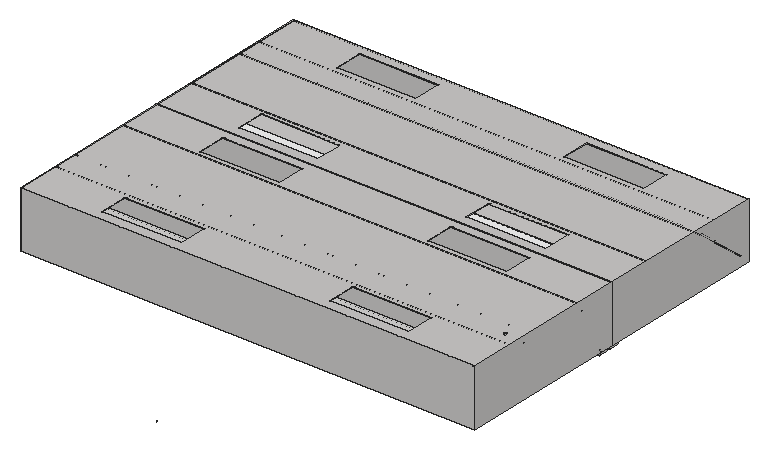
Revit family "QF_ELECTROLUXPROFESSIONAL_641398_STCF3040", category Attrezzature speciali, Revit 2021
Family settings
  Quota connettore circolare = Usa diametro
  Tipo di parte = Normale
  Basato su piano di lavoro = No
  Sempre verticale = Sì
  Taglio con vuoti quando caricato = No
  Condiviso = No
  Punto di calcolo locali = No
Parameters (values of type "Standard")
  Weight = 492.00 kg
  Watts = 640 W
  Volts = 220 V
  URL Manufacturer = "https://www.electroluxprofessional.com/"
  URL = "https://www.electroluxprofessional.com/"
  Steam Supply Size = 0 mm
  Steam Supply Minimum Pressure = 0.0 Pa
  Steam Supply Maximum Pressure = 0.0 Pa
  Steam Consumption per Hour = 0
  Refrigeration Suction Line Size = 0.0 mm
  Refrigeration Liquid Line Size = 0.0 mm
  Refrigerant Compressor Remote = yes
  Prospetto di default = 0.0 mm
  Produttore = "Electrolux Professional"
  Phase = 1
  Modello = "STCF3040"
  Length Actual = 4000.0 mm  # constant formula
  Item Number = "641398"
  Hot Water Size = 0 mm
  Height Actual = 500.0 mm  # constant formula
  HP = "0.9 HP"
  Gas Size = 0 mm
  Gas KW = 0
  Gas Input Pressure = 0 W
  Direct Waste Size = 0 mm
  Descrizione = "304 S/S ISLAND HOOD+FILT.+LAMPS 400X300"
  Depth Actual = 3000.0 mm  # constant formula
  Cycle = 50 Hz
  Condensate Return Size = 0 mm
  Compressed Air Volume = 0.0 L/s
  Compressed Air Size = 0 mm
  Compressed Air Pressure = 0.0 Pa
  Cold Water Size = 0 mm
  Accessory = yes
Reference planes
  plane 1 "Center (Front/Back)": y = 0
  plane 2: z = 0
  plane 3 "Center (Left/Right)": x = 600
  plane 4 "LEFT": x = -1400
  plane 5 "RIGHT": x = 2600
  plane 6 "BACK": y = 1500
  plane 7 "FRONT": y = -1500
  plane 8 "Base": z = 2000
  plane 9 "EIx": x = 2480
  plane 10 "Top": z = 2500
  plane 11 "BaseHood": z = 2000
  plane 12: y = -1020
Forms (mm)
  Extrusion 1, solid, material "QF_Finishes_Stainless Steel"
    sketch origin (0, -1020, 2500) x (0, 1, 0) y (-1, 0, 0)
      loop
        circle (0, -2480) r 10
    from 0 to 1.6
Dimensions and locks
  equal spacing: plane 6 "BACK", plane 1 "Center (Front/Back)", plane 7 "FRONT"
  plane 6 "BACK" to plane 7 "FRONT" = 3000.0 mm  (x2)
  locked: plane 9 "EIx" to plane 5 "RIGHT" at 120
  plane 11 "BaseHood" to level = 2000.0 mm
  plane 10 "Top" to plane 11 "BaseHood" = 500.0 mm
  equal spacing: plane 4 "LEFT", plane 3 "Center (Left/Right)", plane 5 "RIGHT"
  plane 4 "LEFT" to plane 5 "RIGHT" = 4000.0 mm
  plane 12 to plane 7 "FRONT" = 480.0 mm
  aligned and locked: level to plane 2
Automatic sketch dimensions
  plane 1 "Center (Front/Back)" to Extrusion 1 sketch curve = 1020.0 mm
  Extrusion 1 sketch curve to plane 9 "EIx" = 0.0 mm
  radius of Extrusion 1 sketch curve = 10.0 mm
Nested families
  nested 1: "QF_ELECTROLUXPROFESSIONAL_641264" at (450, -550, 0), type "QF_ELECTROLUXPROFESSIONAL_641264"
  nested 2: "QF_ELECTROLUXPROFESSIONAL_641264" at (450, 550, 0), type "QF_ELECTROLUXPROFESSIONAL_641264"
Connectors
  hvac at (-400, -1289, 2505)
    settings: on nested 1, index 1, duct flow 0.0 L/s, flow factor 0, pres drop 0.0 Pa, loss coef 0, conn angle 0.00°, conn width 250 mm, conn height 700 mm, conn diameter 609.6 mm, duct sys type 1, conn prof type 1, flow config 1, flow direction 1, loss method 0, conn ref index -1, conn util no, is conn primary yes, conn desc "AIR INLET"
  hvac at (-400, 1289, 2505)
    settings: on nested 2, index 4, duct flow 0.0 L/s, flow factor 0, pres drop 0.0 Pa, loss coef 0, conn angle 0.00°, conn width 700 mm, conn height 250 mm, conn diameter 609.6 mm, duct sys type 1, conn prof type 1, flow config 1, flow direction 1, loss method 0, conn ref index -1, conn util no, is conn primary no, conn desc "AIR INLET"
  hvac at (1600, 1289, 2505)
    settings: on nested 2, index 5, duct flow 0.0 L/s, flow factor 0, pres drop 0.0 Pa, loss coef 0, conn angle 0.00°, conn width 700 mm, conn height 250 mm, conn diameter 609.6 mm, duct sys type 1, conn prof type 1, flow config 1, flow direction 1, loss method 0, conn ref index -1, conn util no, is conn primary no, conn desc "AIR INLET"
  hvac at (1600, -1289, 2505)
    settings: on nested 1, index 8, duct flow 0.0 L/s, flow factor 0, pres drop 0.0 Pa, loss coef 0, conn angle 0.00°, conn width 250 mm, conn height 700 mm, conn diameter 609.6 mm, duct sys type 1, conn prof type 1, flow config 1, flow direction 1, loss method 0, conn ref index -1, conn util no, is conn primary no, conn desc "AIR INLET"
  piping at (2480, 60, 1970), diameter 9.5
    settings: on nested 2, index 9, connector inside diameter 609.6 mm, connector length 0.0 mm, flow factor 0, pipe flow 0.0 L/s, pressure drop 0.0 Pa, fitting loss kfactor 0, connector angle 0.00°, fixture units 0, engagement length 0.0 mm, angle of deflection 0.00°, flow configuration 1, flow direction 2, fitting loss method 0, system type 16, joint type 0, gender type 0, connector reference index -1, connector utility 0, adjustable connector no, is connector primary yes, connector description "Drain"
  piping at (2480, -60, 1970), diameter 9.5
    settings: on nested 1, index 10, connector inside diameter 609.6 mm, connector length 0.0 mm, flow factor 0, pipe flow 0.0 L/s, pressure drop 0.0 Pa, fitting loss kfactor 0, connector angle 0.00°, fixture units 0, engagement length 0.0 mm, angle of deflection 0.00°, flow configuration 1, flow direction 2, fitting loss method 0, system type 16, joint type 0, gender type 0, connector reference index -1, connector utility 0, adjustable connector no, is connector primary no, connector description "Drain"
  electrical at (2480, -1020, 2501.6), driven by "Volts"
    settings: on Extrusion 1, index 11, voltage 220 V, apparent load 0 VA, apparent load phase1 0 VA, apparent load phase2 0 VA, apparent load phase3 0 VA, power factor 1, load classification "Other", number of poles 1, system type 30, power factor state 1, is connector primary yes, connector utility no, sub classification motor no, connector description "Electrical Connection"
  hvac at (-400, 211, 2500)
    settings: on nested 2, index 12, duct flow 0.0 L/s, flow factor 0, pres drop 0.0 Pa, loss coef 0, conn angle 0.00°, conn width 250 mm, conn height 700 mm, conn diameter 609.6 mm, duct sys type 3, conn prof type 1, flow config 0, flow direction 2, loss method 0, conn ref index -1, conn util no, is conn primary no, conn desc "EXHAUST OUTLET"
  hvac at (-400, -211, 2500)
    settings: on nested 1, index 13, duct flow 0.0 L/s, flow factor 0, pres drop 0.0 Pa, loss coef 0, conn angle 0.00°, conn width 700 mm, conn height 250 mm, conn diameter 609.6 mm, duct sys type 3, conn prof type 1, flow config 0, flow direction 2, loss method 0, conn ref index -1, conn util no, is conn primary no, conn desc "EXHAUST OUTLET"
  hvac at (1600, 211, 2500)
    settings: on nested 2, index 14, duct flow 0.0 L/s, flow factor 0, pres drop 0.0 Pa, loss coef 0, conn angle 0.00°, conn width 250 mm, conn height 700 mm, conn diameter 609.6 mm, duct sys type 3, conn prof type 1, flow config 0, flow direction 2, loss method 0, conn ref index -1, conn util no, is conn primary no, conn desc "EXHAUST OUTLET"
  hvac at (1600, -211, 2500)
    settings: on nested 1, index 15, duct flow 0.0 L/s, flow factor 0, pres drop 0.0 Pa, loss coef 0, conn angle 0.00°, conn width 700 mm, conn height 250 mm, conn diameter 609.6 mm, duct sys type 3, conn prof type 1, flow config 1, flow direction 2, loss method 0, conn ref index -1, conn util no, is conn primary no, conn desc "EXHAUST OUTLET"
Definition of nested family "QF_ELECTROLUXPROFESSIONAL_641264"
  Parameters
    Default Elevation = 0.0 mm
  Reference planes
    plane 1: z = 0
    plane 2 "Center (Left/Right)": x = 150
    plane 3 "LEFT": x = -1850
    plane 4 "RIGHT": x = 2150
    plane 5 "BACK": y = 550
    plane 6 "TOP": z = 2500
    plane 7 "Base": z = 2000
    plane 8: z = 1955
    plane 9 "DrainY": y = 490
    plane 10: x = -1847
    plane 11 "DrainX": x = 2030
    plane 12 "AOLeft2": x = -500
    plane 13 "AORight1": x = 800
    plane 14: x = 2147
    plane 15: x = -1650
    plane 16: x = 1950
    plane 17 "Center (Front/Back)": y = -200
    plane 18 "Front": y = -950
    plane 19 "AOLeft1": x = -1200
    plane 20 "AORight2": x = 1500
    plane 21: y = -864
    plane 22: y = -614
    plane 23 "EI_y": y = -470
    plane 24 "EIx": x = 2030
    plane 25: y = 464
    plane 26: y = 214
  Forms (mm)
    Extrusion 1, solid
      sketch origin (-1850, 0, 360) x (0, 1, 0) y (0, 0, 1)
        loop
          line (550, 1640) -> (550, 2140) -> (-950, 2140) -> (-950, 1640) -> (550, 1640)
      from 0 to 3
    Extrusion 2, solid
      sketch origin (2150, 0, 360) x (0, 1, 0) y (0, 0, 1)
        loop
          line (550, 1640) -> (550, 2140) -> (-950, 2140) -> (-950, 1640) -> (550, 1640)
      from 0 to -3
    Extrusion 3, solid
      sketch origin (150, 0, 360) x (0, 1, 0) y (0, 0, 1)
        loop
          line (-950, 2140) -> (-950, 1640) -> (-940, 1640) -> (-940, 1640.8) -> (-949.2, 1640.8) -> (-949.2, 2139.19) -> (549.2, 2139.19) -> (549.2, 1640.8) -> (540, 1640.8) -> (540, 1640) -> (550, 1640) -> (550, 2140) -> (-950, 2140)
      from -2000 to 2000
    Extrusion 4, solid
      sketch origin (0, 0, 2000) x (0, 1, 0) y (-1, 0, 0)
        loop
          circle (490, -2030) r 4.763
      from -30 to 0
    Extrusion 5, void
      sketch origin (0, 0, 2500) x (0, 1, 0) y (-1, 0, 0)
        loop
          line (-614, 500) -> (-614, 1200) -> (-864, 1200) -> (-864, 500) -> (-614, 500)
      from 0 to -10
    Extrusion 6, solid
      sketch origin (0, 0, 0) x (1, 0, 0) y (0, 1, 0)
        loop
          line (-1850, 550) -> (-1850, 549) -> (-1849, 549) -> (-1849, 550) -> (-1850, 550)
      from 0 to 1
    Extrusion 7, solid
      sketch origin (150, 0, 360) x (0, 1, 0) y (0, 0, 1)
        loop
          line (-572.823, 1962.324) -> (-418.948, 2086.929) -> (-427.129, 2097.032) -> (-581.003, 1972.426) -> (-572.823, 1962.324)
      from 1997 to -1997
    Sweep 8, solid
      path origin (0, 0, 0) x (1, 0, 0) y (0, 1, 0)
        loop
          line (2150, 550) -> (-1850, 550) -> (-1850, -950) -> (2150, -950) -> (2150, 550)
      profile origin (2150, -200, 0) x (1, 0, 0) y (0, 0, 1)
        loop
          line (-3, 2000) -> (-3, 2000.8) -> (-19, 2000.8) -> (-19, 2010) -> (-20, 2010) -> (-20, 2000) -> (-3, 2000)
    Extrusion 9, solid
      sketch origin (150, 0, 0) x (0, 1, 0) y (0, 0, 1)
        loop
          line (414.66, 2095.469) -> (440.643, 2110.471) -> (261.744, 2411.771) -> (235.948, 2396.455) -> (414.66, 2095.469)
      from -1997 to -1800
    Extrusion 10, void
      sketch origin (1134.605, 0, 2500) x (0, 1, 0) y (-1, 0, 0)
        loop
          line (-614, -365.395) -> (-614, 334.605) -> (-864, 334.605) -> (-864, -365.395) -> (-614, -365.395)
      from 0 to -10
    Extrusion 11, solid
      sketch origin (2030, 0, 0) x (0, 1, 0) y (0, 0, 1)
        loop
          line (539, 2000) -> (441, 2000) -> (441, 1989) -> (448.5, 1989) -> (448.5, 1965)
          arc (448.5, 1965) -> (451.429, 1957.929) -> (458.5, 1955) r 10
          line (458.5, 1955) -> (521.5, 1955)
          arc (521.5, 1955) -> (528.571, 1957.929) -> (531.5, 1965) r 10
          line (531.5, 1965) -> (531.5, 1989) -> (539, 1989) -> (539, 2000)
      from 90 to -90
    Extrusion 12, solid
      sketch origin (150, 0, 0) x (0, 1, 0) y (0, 0, 1)
        loop
          line (414.66, 2095.469) -> (440.643, 2110.471) -> (261.744, 2411.771) -> (235.948, 2396.455) -> (414.66, 2095.469)
      from 1800 to 1997
    Extrusion 13, solid
      sketch origin (150, 0, 0) x (0, 1, 0) y (0, 0, 1)
        loop
          line (414.66, 2095.469) -> (440.643, 2110.471) -> (261.744, 2411.771) -> (235.948, 2396.455) -> (414.66, 2095.469)
      from -1800 to 1800
    Extrusion 14, void
      sketch origin (0, 1180, 2500) x (0, 1, 0) y (-1, 0, 0)
        loop
          line (-716, 500) -> (-716, 1200) -> (-966, 1200) -> (-966, 500) -> (-716, 500)
      from 0 to -10
    Extrusion 15, void
      sketch origin (1600, 1180, 2500) x (0, 1, 0) y (-1, 0, 0)
        loop
          line (-716, 100) -> (-716, 800) -> (-966, 800) -> (-966, 100) -> (-716, 100)
      from 0 to -10
    Extrusion 16, solid
      sketch origin (150, 0, 360) x (0, 1, 0) y (0, 0, 1)
        loop
          line (430.005, 1640) -> (540, 1640) -> (540, 1640.8) -> (430.467, 1640.8) -> (371.906, 1742.23) -> (414.858, 1734.657) -> (442.266, 1750.481) -> (442.266, 1765.943) -> (441.466, 1765.943) -> (441.466, 1750.943) -> (414.709, 1735.495) -> (321.153, 1751.991) -> (320.875, 1750.416) -> (371.4, 1741.507) -> (430.005, 1640)
        loop
          line (172.529, 2139.19) -> (242.893, 2017.316) -> (245.133, 2018.715) -> (240.13, 2027.381) -> (238.569, 2026.405) -> (173.453, 2139.19) -> (172.529, 2139.19)
      from -1997 to 1997
    Extrusion 17, solid
      sketch origin (150, 200.8, 360) x (0, 1, 0) y (0, 0, 1)
        loop
          line (-1150, 2139.19) -> (-1150, 1640) -> (-1086.602, 1640) -> (-999.146, 1690.493) -> (-1010.058, 1709.394) -> (-1066.564, 1676.77) -> (-1114.704, 1680.982) -> (-1149.2, 1730.248) -> (-1149.2, 2139.19) -> (-1150, 2139.19)
        loop
          line (-773.6, 1961.694) -> (-781.937, 1971.99) -> (-769.095, 1982.182) -> (-769.095, 2139.19) -> (-769.895, 2139.19) -> (-769.895, 1982.569) -> (-1082.298, 1734.63) -> (-1071.091, 1720.79) -> (-773.6, 1961.694)
        loop
          line (-627.61, 2099.216) -> (-618.171, 2087.559) -> (-554.411, 2139.19) -> (-555.682, 2139.19) -> (-618.052, 2088.684) -> (-626.989, 2099.719) -> (-627.61, 2099.216)
      from -1997 to 1997
  Cuts and joins
    Extrusion 5, Extrusion 10, Extrusion 14, Extrusion 15 cuts Extrusion 3
    joined: Extrusion 2, Extrusion 3, Sweep 8
  Lines and regions (mm)
    symbolic lines, detail levels coarse
      curve 1: line (2150, 550, 2500) -> (-1850, 550, 2500)
      curve 2: line (-1850, 550, 2500) -> (-1850, -950, 2500)
      curve 3: line (2150, -950, 2500) -> (2150, 550, 2500)
      curve 4: line (-1850, 550, 0) -> (2150, -950, 0)
      curve 5: line (2150, 550, 0) -> (-1850, -950, 0)
      curve 6: line (-1850, -950, 0) -> (2150, -950, 0)
      curve 7: line (-1200, 214, 2500) -> (-500, 214, 2500)
      curve 8: line (-1200, 464, 2500) -> (-1200, 214, 2500)
      curve 9: line (-500, 464, 2500) -> (-1200, 464, 2500)
      curve 10: line (-500, 214, 2500) -> (-500, 464, 2500)
      curve 11: line (800, 464, 2500) -> (800, 214, 2500)
      curve 12: line (1500, 464, 2500) -> (800, 464, 2500)
      curve 13: line (800, 214, 2500) -> (1500, 214, 2500)
      curve 14: line (1500, 214, 2500) -> (1500, 464, 2500)
    symbolic lines
      curve 15: line (-1200, -614, 0) -> (-500, -614, 0)
      curve 16: line (-1200, -864, 0) -> (-1200, -614, 0)
      curve 17: line (-500, -864, 0) -> (-1200, -864, 0)
      curve 18: line (-500, -614, 0) -> (-500, -864, 0)
      curve 19: line (800, -614, 0) -> (1500, -614, 0)
      curve 20: line (800, -864, 0) -> (800, -614, 0)
      curve 21: line (1500, -864, 0) -> (800, -864, 0)
      curve 22: line (1500, -614, 0) -> (1500, -864, 0)
  Dimensions and locks
    plane 3 "LEFT" to plane 4 "RIGHT" = 4000.0 mm
    equal spacing: plane 3 "LEFT", plane 2 "Center (Left/Right)", plane 4 "RIGHT"
    plane 7 "Base" to plane 8 = 45.0 mm
    plane 5 "BACK" to plane 9 "DrainY" = 60.0 mm  (x2)
    plane 3 "LEFT" to plane 10 = 3.0 mm
    plane 11 "DrainX" to plane 4 "RIGHT" = 120.0 mm
    plane 14 to plane 4 "RIGHT" = 3.0 mm
    plane 3 "LEFT" to plane 15 = 200.0 mm
    plane 16 to plane 4 "RIGHT" = 200.0 mm
    locked: plane 12 "AOLeft2" to plane 13 "AORight1" at 1300
    equal spacing: plane 12 "AOLeft2", plane 2 "Center (Left/Right)", plane 13 "AORight1"
    locked: plane 7 "Base" to level at 2000
    locked: plane 6 "TOP" to plane 7 "Base" at 500
    locked: plane 19 "AOLeft1" to plane 12 "AOLeft2" at 700
    locked: plane 13 "AORight1" to plane 20 "AORight2" at 700
    locked: plane 22 to plane 21 at 250
    locked: plane 21 to plane 18 "Front" at 86
    locked: plane 23 "EI_y" to plane 18 "Front" at 480
    locked: plane 24 "EIx" to plane 4 "RIGHT" at 120
    locked: plane 5 "BACK" to plane 18 "Front" at 1500
    plane 5 "BACK" to plane 18 "Front" = 1500.0 mm
    equal spacing: plane 5 "BACK", plane 17 "Center (Front/Back)", plane 18 "Front"
    locked: plane 26 to plane 25 at 250
    plane 5 "BACK" to plane 25 = 86.0 mm
    aligned and locked: level to plane 1
    aligned and locked: plane 4 "RIGHT" to Extrusion 3
    aligned and locked: Extrusion 3 to plane 3 "LEFT"
    aligned and locked: Extrusion 2 to plane 14
    aligned and locked: Extrusion 9 to plane 10
    aligned and locked: Extrusion 5 to plane 19 "AOLeft1"
    aligned and locked: Extrusion 5 to plane 12 "AOLeft2"
    aligned and locked: plane 20 "AORight2" to Extrusion 10
    aligned and locked: plane 13 "AORight1" to Extrusion 10
    aligned and locked: plane 15 to Extrusion 9
    aligned and locked: plane 16 to Extrusion 12
    aligned and locked: plane 14 to Extrusion 12
    aligned and locked: Extrusion 13 to plane 15
    aligned and locked: Extrusion 13 to plane 16
    aligned and locked: plane 14 to Extrusion 7
    aligned and locked: Extrusion 7 to plane 10
    aligned and locked: plane 13 "AORight1" to Extrusion 15
    aligned and locked: plane 20 "AORight2" to Extrusion 15
    aligned and locked: Extrusion 14 to plane 19 "AOLeft1"
    aligned and locked: Extrusion 14 to plane 12 "AOLeft2"
    aligned and locked: Extrusion 16 to plane 10
    aligned and locked: plane 14 to Extrusion 16
    aligned and locked: Extrusion 5 to plane 21
    aligned and locked: plane 22 to Extrusion 5
    aligned and locked: Extrusion 10 to plane 21
    aligned and locked: Extrusion 17 to plane 10
    aligned and locked: plane 14 to Extrusion 17
    aligned and locked: cut or joined group of Extrusion 2, Extrusion 3, Extrusion 5, Sweep 8, Extrusion 10, Extrusion 14, Extrusion 15 to plane 25  (x2)
    aligned and locked: curve 9 to plane 25
    aligned and locked: curve 12 to plane 25
    aligned and locked: plane 26 to cut or joined group of Extrusion 2, Extrusion 3, Extrusion 5, Sweep 8, Extrusion 10, Extrusion 14, Extrusion 15  (x2)
    aligned and locked: plane 26 to curve 13
    aligned and locked: plane 26 to curve 7
  Automatic sketch dimensions
    Extrusion 4 sketch curve to plane 9 "DrainY" = 0.0 mm
    Extrusion 4 sketch curve to plane 11 "DrainX" = 0.0 mm
    Extrusion 9 sketch curve to plane 9 "DrainY" = 75.34 mm
    Extrusion 9 sketch curve to Extrusion 9 sketch curve = 25.983 mm
    plane 7 "Base" to Extrusion 9 sketch curve = 95.469 mm
    Extrusion 9 sketch curve to Extrusion 9 sketch curve = 15.001 mm
    Extrusion 9 sketch curve to plane 6 "TOP" = 103.545 mm
    Extrusion 9 sketch curve to Extrusion 9 sketch curve = 15.316 mm
    Extrusion 12 sketch curve to plane 9 "DrainY" = 75.34 mm
    Extrusion 12 sketch curve to Extrusion 12 sketch curve = 25.983 mm
    plane 7 "Base" to Extrusion 12 sketch curve = 95.469 mm
    Extrusion 12 sketch curve to Extrusion 12 sketch curve = 15.001 mm
    Extrusion 12 sketch curve to plane 6 "TOP" = 103.545 mm
    Extrusion 12 sketch curve to Extrusion 12 sketch curve = 15.316 mm
    Extrusion 13 sketch curve to plane 9 "DrainY" = 75.34 mm
    Extrusion 13 sketch curve to Extrusion 13 sketch curve = 25.983 mm
    plane 7 "Base" to Extrusion 13 sketch curve = 95.469 mm
    Extrusion 13 sketch curve to Extrusion 13 sketch curve = 15.001 mm
    Extrusion 13 sketch curve to plane 6 "TOP" = 103.545 mm
    Extrusion 13 sketch curve to Extrusion 13 sketch curve = 15.316 mm
    Extrusion 16 sketch curve to plane 7 "Base" = 0.0 mm
    Extrusion 16 sketch curve to plane 6 "TOP" = 0.81 mm
    Extrusion 16 sketch curve to Extrusion 16 sketch curve = 0.924 mm
    Extrusion 16 sketch curve to Extrusion 16 sketch curve = 2.24 mm
    Extrusion 16 sketch curve to Extrusion 16 sketch curve = 0.278 mm
    Extrusion 16 sketch curve to Extrusion 16 sketch curve = 50.525 mm
    Extrusion 16 sketch curve to Extrusion 16 sketch curve = 0.506 mm
    Extrusion 16 sketch curve to Extrusion 16 sketch curve = 42.803 mm
    Extrusion 16 sketch curve to Extrusion 16 sketch curve = 0.148 mm
    Extrusion 16 sketch curve to plane 9 "DrainY" = 59.995 mm
    plane 7 "Base" to Extrusion 16 sketch curve = 0.8 mm
    Extrusion 16 sketch curve to Extrusion 16 sketch curve = 0.462 mm  (x2)
    Extrusion 16 sketch curve to Extrusion 16 sketch curve = 109.533 mm
    Extrusion 16 sketch curve to Extrusion 16 sketch curve = 26.757 mm
    Extrusion 16 sketch curve to Extrusion 16 sketch curve = 0.8 mm
    plane 7 "Base" to Extrusion 16 sketch curve = 94.657 mm
    Extrusion 16 sketch curve to Extrusion 16 sketch curve = 0.838 mm
    Extrusion 16 sketch curve to Extrusion 16 sketch curve = 6.012 mm
    Extrusion 16 sketch curve to Extrusion 16 sketch curve = 0.723 mm
    Extrusion 16 sketch curve to Extrusion 16 sketch curve = 14.986 mm
    Extrusion 16 sketch curve to Extrusion 16 sketch curve = 15.0 mm
    Extrusion 16 sketch curve to plane 6 "TOP" = 122.684 mm
    Extrusion 16 sketch curve to Extrusion 16 sketch curve = 1.399 mm
    Extrusion 16 sketch curve to Extrusion 16 sketch curve = 9.089 mm
    Extrusion 16 sketch curve to Extrusion 16 sketch curve = 0.975 mm
    Extrusion 9 sketch curve to plane 9 "DrainY" = 228.256 mm
    Extrusion 9 sketch curve to Extrusion 9 sketch curve = 25.795 mm
    Extrusion 12 sketch curve to plane 9 "DrainY" = 228.256 mm
    Extrusion 12 sketch curve to Extrusion 12 sketch curve = 25.795 mm
    Extrusion 13 sketch curve to plane 9 "DrainY" = 228.256 mm
    Extrusion 13 sketch curve to Extrusion 13 sketch curve = 25.795 mm
    Extrusion 16 sketch curve to plane 9 "DrainY" = 75.142 mm
    Extrusion 16 sketch curve to plane 9 "DrainY" = 244.867 mm
    Extrusion 16 sketch curve to Extrusion 16 sketch curve = 5.003 mm
    Extrusion 16 sketch curve to Extrusion 16 sketch curve = 1.561 mm
    Extrusion 16 sketch curve to Extrusion 16 sketch curve = 66.677 mm
    curve 6 to plane 3 "LEFT" = 0.0 mm
    curve 4 to plane 3 "LEFT" = 0.0 mm
    curve 16 to plane 19 "AOLeft1" = 0.0 mm
    curve 18 to plane 12 "AOLeft2" = 0.0 mm
    curve 20 to plane 13 "AORight1" = 0.0 mm
    curve 22 to plane 20 "AORight2" = 0.0 mm
    curve 6 to plane 4 "RIGHT" = 0.0 mm
    curve 5 to plane 4 "RIGHT" = 0.0 mm
    curve 4 to plane 18 "Front" = 0.0 mm
    curve 21 to plane 21 = 0.0 mm
    curve 17 to plane 21 = 0.0 mm
    curve 18 to plane 22 = 0.0 mm
    curve 19 to plane 22 = 0.0 mm
    curve 4 to plane 5 "BACK" = 0.0 mm
    curve 5 to plane 5 "BACK" = 0.0 mm
    curve 2 to plane 3 "LEFT" = 0.0 mm
    curve 2 to plane 18 "Front" = 0.0 mm
    curve 3 to plane 4 "RIGHT" = 0.0 mm
    curve 3 to plane 18 "Front" = 0.0 mm
    curve 13 to plane 20 "AORight2" = 0.0 mm
    curve 11 to plane 13 "AORight1" = 0.0 mm
    curve 7 to plane 19 "AOLeft1" = 0.0 mm
    curve 7 to plane 12 "AOLeft2" = 0.0 mm
    curve 2 to plane 5 "BACK" = 0.0 mm
    Extrusion 1 sketch curve to plane 7 "Base" = 0.0 mm
    Extrusion 1 sketch curve to plane 18 "Front" = 0.0 mm
    Extrusion 1 sketch curve to plane 5 "BACK" = 0.0 mm
    Extrusion 1 sketch curve to plane 6 "TOP" = 0.0 mm
    Extrusion 2 sketch curve to plane 7 "Base" = 0.0 mm
    Extrusion 2 sketch curve to plane 18 "Front" = 0.0 mm
    Extrusion 2 sketch curve to plane 5 "BACK" = 0.0 mm
    Extrusion 2 sketch curve to plane 6 "TOP" = 0.0 mm
    Extrusion 3 sketch curve to plane 6 "TOP" = 0.0 mm
    Extrusion 3 sketch curve to plane 18 "Front" = 0.0 mm
    Extrusion 3 sketch curve to plane 7 "Base" = 0.0 mm  (x2)
    Extrusion 3 sketch curve to plane 5 "BACK" = 0.0 mm
    plane 18 "Front" to Extrusion 3 sketch curve = 0.8 mm
    Extrusion 3 sketch curve to Extrusion 3 sketch curve = 9.2 mm
    plane 7 "Base" to Extrusion 3 sketch curve = 0.8 mm  (x2)
    Extrusion 3 sketch curve to plane 5 "BACK" = 10.0 mm
    Extrusion 3 sketch curve to plane 5 "BACK" = 0.8 mm
    Extrusion 3 sketch curve to plane 6 "TOP" = 0.81 mm
    Extrusion 5 sketch curve to plane 12 "AOLeft2" = 0.0 mm
    Extrusion 5 sketch curve to plane 21 = 0.0 mm
    Extrusion 5 sketch curve to plane 22 = 0.0 mm
    Extrusion 5 sketch curve to plane 19 "AOLeft1" = 0.0 mm
    Extrusion 6 sketch curve to plane 3 "LEFT" = 0.0 mm
    Extrusion 6 sketch curve to plane 5 "BACK" = 0.0 mm
    plane 3 "LEFT" to Extrusion 6 sketch curve = 1.0 mm
    Extrusion 6 sketch curve to Extrusion 6 sketch curve = 1.0 mm
    plane 22 to Extrusion 7 sketch curve = 32.997 mm
    Extrusion 7 sketch curve to Extrusion 7 sketch curve = 8.181 mm  (x2)
    plane 23 "EI_y" to Extrusion 7 sketch curve = 42.871 mm
    Extrusion 7 sketch curve to plane 6 "TOP" = 177.676 mm
    Extrusion 7 sketch curve to Extrusion 7 sketch curve = 10.102 mm
    Extrusion 7 sketch curve to plane 6 "TOP" = 53.071 mm
    Extrusion 7 sketch curve to Extrusion 7 sketch curve = 10.103 mm
    Sweep 8 sketch curve to plane 3 "LEFT" = 0.0 mm
    Sweep 8 sketch curve to plane 4 "RIGHT" = 0.0 mm
    Sweep 8 sketch curve to plane 18 "Front" = 0.0 mm
    Sweep 8 sketch curve to plane 5 "BACK" = 0.0 mm
    profile plane to Sweep 8 sketch curve = 20.0 mm
    Sweep 8 sketch curve to Sweep 8 sketch curve = 1.0 mm
    profile plane to Sweep 8 sketch curve = 3.0 mm
    level to Sweep 8 sketch curve = 2000.0 mm
    Sweep 8 sketch curve to Sweep 8 sketch curve = 0.8 mm
    Sweep 8 sketch curve to Sweep 8 sketch curve = 9.2 mm
    Extrusion 10 sketch curve to plane 20 "AORight2" = 0.0 mm
    Extrusion 10 sketch curve to plane 21 = 0.0 mm
    Extrusion 10 sketch curve to plane 22 = 0.0 mm
    Extrusion 10 sketch curve to plane 13 "AORight1" = 0.0 mm
    Extrusion 11 sketch curve to plane 7 "Base" = 0.0 mm
    Extrusion 11 sketch curve to plane 8 = 0.0 mm
    Extrusion 11 sketch curve to plane 7 "Base" = 11.0 mm  (x2)
    plane 25 to Extrusion 11 sketch curve = 23.0 mm
    Extrusion 11 sketch curve to Extrusion 11 sketch curve = 7.5 mm  (x2)
    plane 25 to Extrusion 11 sketch curve = 5.5 mm
    Extrusion 11 sketch curve to plane 5 "BACK" = 28.5 mm
    Extrusion 11 sketch curve to plane 5 "BACK" = 18.5 mm
    Extrusion 14 sketch curve to plane 12 "AOLeft2" = 0.0 mm
    Extrusion 14 sketch curve to plane 19 "AOLeft1" = 0.0 mm
    Extrusion 14 sketch curve to plane 9 "DrainY" = 26.0 mm
    Extrusion 14 sketch curve to plane 26 = 0.0 mm
    Extrusion 15 sketch curve to plane 20 "AORight2" = 0.0 mm
    Extrusion 15 sketch curve to plane 13 "AORight1" = 0.0 mm
    Extrusion 15 sketch curve to plane 9 "DrainY" = 26.0 mm
    Extrusion 15 sketch curve to plane 26 = 0.0 mm
    Extrusion 17 sketch curve to plane 7 "Base" = 0.0 mm
    plane 18 "Front" to Extrusion 17 sketch curve = 0.8 mm
    Extrusion 17 sketch curve to Extrusion 17 sketch curve = 0.8 mm  (x2)
    plane 18 "Front" to Extrusion 17 sketch curve = 36.096 mm
    Extrusion 17 sketch curve to plane 21 = 21.802 mm
    Extrusion 17 sketch curve to plane 21 = 17.498 mm
    Extrusion 17 sketch curve to plane 21 = 6.291 mm
    Extrusion 17 sketch curve to plane 21 = 1.764 mm
    plane 21 to Extrusion 17 sketch curve = 54.742 mm
    Extrusion 17 sketch curve to Extrusion 17 sketch curve = 10.912 mm
    plane 22 to Extrusion 17 sketch curve = 32.863 mm
    Extrusion 17 sketch curve to Extrusion 17 sketch curve = 8.337 mm
    Extrusion 17 sketch curve to Extrusion 17 sketch curve = 12.042 mm
    plane 23 "EI_y" to Extrusion 17 sketch curve = 43.19 mm
    Extrusion 17 sketch curve to Extrusion 17 sketch curve = 0.622 mm
    Extrusion 17 sketch curve to Extrusion 17 sketch curve = 9.44 mm
    Extrusion 17 sketch curve to Extrusion 17 sketch curve = 0.118 mm
    Extrusion 17 sketch curve to plane 6 "TOP" = 0.81 mm  (x3)
    Extrusion 17 sketch curve to Extrusion 17 sketch curve = 62.37 mm
    Extrusion 17 sketch curve to Extrusion 17 sketch curve = 1.271 mm
    plane 7 "Base" to Extrusion 17 sketch curve = 36.77 mm
    plane 7 "Base" to Extrusion 17 sketch curve = 40.982 mm
    plane 7 "Base" to Extrusion 17 sketch curve = 50.493 mm
    Extrusion 17 sketch curve to Extrusion 17 sketch curve = 18.901 mm
    Extrusion 17 sketch curve to Extrusion 17 sketch curve = 44.02 mm
    Extrusion 17 sketch curve to Extrusion 17 sketch curve = 49.266 mm
    Extrusion 17 sketch curve to Extrusion 17 sketch curve = 13.84 mm
    Extrusion 17 sketch curve to plane 6 "TOP" = 178.306 mm
    Extrusion 17 sketch curve to Extrusion 17 sketch curve = 10.296 mm
    Extrusion 17 sketch curve to Extrusion 17 sketch curve = 10.192 mm
    Extrusion 17 sketch curve to Extrusion 17 sketch curve = 0.386 mm
    Extrusion 17 sketch curve to plane 6 "TOP" = 52.441 mm
    Extrusion 17 sketch curve to Extrusion 17 sketch curve = 1.125 mm
    radius of Extrusion 4 sketch curve = 4.763 mm
